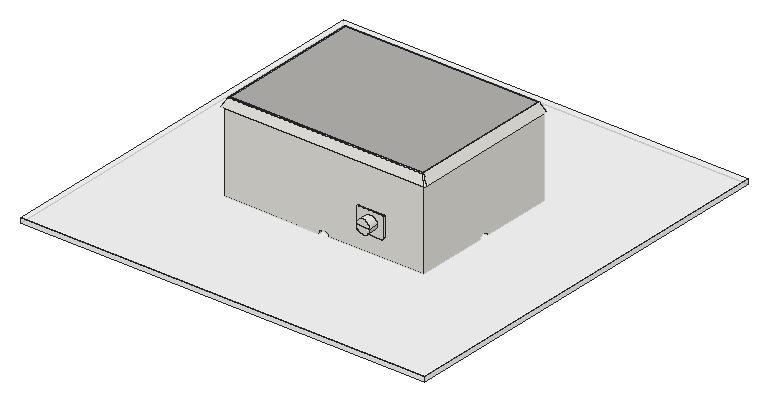
Revit family "BS-678BT", category Communication Devices, host Face, Revit 2016
Family settings
  Host = Face
  Maintain Annotation Orientation = No
  Part Type = Normal
  Round Connector Dimension = Use Diameter
  OmniClass Number = 23.85.10.11.14
  OmniClass Title = Audio Equipment
  Cut with Voids When Loaded = Yes
  Shared = No
  Room Calculation Point = No
Parameters (values of type "BS-678T")
  Weight = "1.7 kg (3.75 lb)"
  URL = "http://toa.com.sg"
  Speaker Component = "6\" (16cm) double cone-type"
  Sensitivity (1W,1m) = "94dB (500Hz – 5kHz, pink noise)"
  Rated Input = "6 W (100 V line), 3 W (70 V line)"
  Model Type = "WALL MOUNT SPEAKERS"
  Mesh = White Mesh
  Frequency Response = "150Hz – 20kHz (peak –20dB)"
  Rated Impedance = "100V line: 1.7kΩ (6W), 3.3kΩ (3W), 6.7kΩ(1.5W), 13kΩ (0.8W)\r\n70V line: 1.7kΩ (3W), 3.3kΩ (1.5W), 6.7kΩ(0.8W), 13kΩ (0.4W)"
  Model By = "BIMLIFE PTE LTD"  # constant formula
  Model = "BS-678T"
  Manufacturer = "TOA Electronics Pte Ltd"  # constant formula
  Supplier Tel = "+65 6835 9119"  # constant formula
  Supplier Fax = "+65 6835 9559"  # constant formula
  Supplier Address = "491B River Valley Road, #19-03/04 Valley Point Office Tower, Singapore 248373"  # constant formula
  Supplier = "TOA Electronics Pte Ltd"  # constant formula
  Suppiler Email = "http://toa.com.sg"  # constant formula
  Material = OFF-WHITE
  Finish = "Baffle: HIPS resin, white (RAL 9010 or equivalent colour) Cabinet: Particle board with pvc sheet, white (RAL 9010 or equivalent colour) Grille: Surface-treated steel plate net, white (RAL 9010 or equivalent colour), paint"
  Dimension = "250 (W) × 190 (H) × 110 (D) mm (9.84\" × 7.48\" × 4.33\") (excluding volume control knob)"
  Default Elevation = 0 mm
  Attenuation = "OFF, 1 (-12dB), 2 (-6dB), 3 (0dB)"
  Accessory = "Speaker mounting screw (4 × 35 (0.16\" × 1.38\")) × 2"
  Copyright To = "TOA Electronics Pte Ltd"  # constant formula
  Connection = "Push-in connector (bridging terminal)"
  Applicable Cable = "600V vinyl-insulated cable (IV wire or HIV wire)\r\nSolid wire: ø0.8 – ø1.6mm (equivalent to AWG 20 – 14)\r\n7-core twisted wire: 0.75 – 1.25mm2 (equivalent to AWG 18 – 16)"
Types (2, lengths in mm): name | Mesh | Model | Material | Finish
  BS-678BT | Black Mesh | "BS-678BT" | Black | "Baffle: HIPS resin, black (RAL 9011 or equivalent colour) Cabinet: Particle board with pvc sheet, black (RAL 9011 or equivalent colour) Grille: Surface-treated steel plate net, black (RAL 9011 or equivalent colour), paint"
  BS-678T | White Mesh | "BS-678T" | OFF-WHITE | "Baffle: HIPS resin, white (RAL 9010 or equivalent colour) Cabinet: Particle board with pvc sheet, white (RAL 9010 or equivalent colour) Grille: Surface-treated steel plate net, white (RAL 9010 or equivalent colour), paint"
Reference planes
  plane 1 "Center (Front/Back)": y = 0
  plane 2: z = 0
  plane 3 "Center (Left/Right)": x = 0
Forms (mm)
  Extrusion 1, solid, material "Surface"
    sketch origin (1.238, -13.929, 0) x (1, 0, 0) y (0, 1, 0)
      loop
        line (-251.238, 263.929) -> (-251.238, -236.071) -> (248.762, -236.071) -> (248.762, 263.929) -> (-251.238, 263.929)
    from 0 to -6.497
  Extrusion 2, solid, material "OFF-WHITE" <- "Material"
    sketch origin (0, 0, 0) x (1, 0, 0) y (0, 1, 0)
      loop
        line (-123, 93) -> (-123, -93) -> (123, -93) -> (123, 93) -> (-123, 93)
    from 0 to 98.5
  Blend 3, solid, material "OFF-WHITE" <- "Material"
    base sketch origin (0, 0, 98.5) x (1, 0, 0) y (0, 1, 0)
      loop
        line (-126, -95) -> (125, -95)
        arc (125, -95) -> (125.707, -94.707) -> (126, -94) r 1
        line (126, -94) -> (126, 94)
        arc (126, 94) -> (125.707, 94.707) -> (125, 95) r 1
        line (125, 95) -> (-126, 95)
        arc (-126, 95) -> (-126.707, 94.707) -> (-127, 94) r 1
        line (-127, 94) -> (-127, -94)
        arc (-127, -94) -> (-126.707, -94.707) -> (-126, -95) r 1
    top sketch origin (0, 0, 98.5) x (1, 0, 0) y (0, 1, 0)
      loop
        arc (-119.605, 90.605) -> (-120.312, 90.312) -> (-120.605, 89.605) r 1
        line (-120.605, 89.605) -> (-120.605, -89.605)
        arc (-120.605, -89.605) -> (-120.312, -90.312) -> (-119.605, -90.605) r 1
        line (-119.605, -90.605) -> (119.605, -90.605)
        arc (119.605, -90.605) -> (120.312, -90.312) -> (120.605, -89.605) r 1
        line (120.605, -89.605) -> (120.605, 89.605)
        arc (120.605, 89.605) -> (120.312, 90.312) -> (119.605, 90.605) r 1
        line (119.605, 90.605) -> (-119.605, 90.605)
    from 0 to 11
  Extrusion 4, solid, material "White Mesh" <- "Mesh"
    sketch origin (0, 0, 109.5) x (1, 0, 0) y (0, 1, 0)
      loop
        line (-119.75, 89.75) -> (-119.75, -89.75) -> (119.75, -89.75) -> (119.75, 89.75) -> (-119.75, 89.75)
    from -1 to 0
  Extrusion 5, void
    sketch origin (0, 0, 109.5) x (0, 1, 0) y (1, 0, 0)
      loop
        line (89.75, 119.75) -> (-89.75, 119.75) -> (-89.75, -119.75) -> (89.75, -119.75) -> (89.75, 119.75)
    from 0 to 1
  Extrusion 6, void
    sketch origin (82, -93, 0) x (1, 0, 0) y (0, 0, -1)
      loop
        spline (-88, 0) -> (-87.796, -1.294) -> (-87.196, -2.5) -> (-86.243, -3.536) -> (-85, -4.33) -> (-83.553, -4.83) -> (-82, -5) -> (-80.447, -4.83) -> (-79, -4.33) -> (-77.757, -3.536) -> (-76.804, -2.5) -> (-76.204, -1.294) -> (-76, 0)
        spline (-76, 0) -> (-76.204, 1.294) -> (-76.804, 2.5) -> (-77.757, 3.536) -> (-79, 4.33) -> (-80.447, 4.83) -> (-82, 5) -> (-83.553, 4.83) -> (-85, 4.33) -> (-86.243, 3.536) -> (-87.196, 2.5) -> (-87.796, 1.294) -> (-88, 0)
    from 0 to 186
  Extrusion 7, void
    sketch origin (123, 93, 0) x (0, 1, 0) y (0, 0, -1)
      loop
        spline (-99, 0) -> (-98.796, -1.294) -> (-98.196, -2.5) -> (-97.243, -3.536) -> (-96, -4.33) -> (-94.553, -4.83) -> (-93, -5) -> (-91.447, -4.83) -> (-90, -4.33) -> (-88.757, -3.536) -> (-87.804, -2.5) -> (-87.204, -1.294) -> (-87, 0)
        spline (-87, 0) -> (-87.204, 1.294) -> (-87.804, 2.5) -> (-88.757, 3.536) -> (-90, 4.33) -> (-91.447, 4.83) -> (-93, 5) -> (-94.553, 4.83) -> (-96, 4.33) -> (-97.243, 3.536) -> (-98.196, 2.5) -> (-98.796, 1.294) -> (-99, 0)
    from 0 to 246
  Extrusion 8, solid, material "OFF-WHITE" <- "Material", not visible
    sketch origin (0, 0, 0) x (1, 0, 0) y (0, 1, 0)
      loop
        line (-123, 93) -> (-123, -93) -> (123, -93) -> (123, 93) -> (-123, 93)
    from 0 to 98.5
  Blend 9, solid, material "OFF-WHITE" <- "Material", not visible
    base sketch origin (0, 0, 98.5) x (1, 0, 0) y (0, 1, 0)
      loop
        line (-126, -95) -> (125, -95)
        arc (125, -95) -> (125.707, -94.707) -> (126, -94) r 1
        line (126, -94) -> (126, 94)
        arc (126, 94) -> (125.707, 94.707) -> (125, 95) r 1
        line (125, 95) -> (-126, 95)
        arc (-126, 95) -> (-126.707, 94.707) -> (-127, 94) r 1
        line (-127, 94) -> (-127, -94)
        arc (-127, -94) -> (-126.707, -94.707) -> (-126, -95) r 1
    top sketch origin (0, 0, 98.5) x (1, 0, 0) y (0, 1, 0)
      loop
        arc (-119.605, 90.605) -> (-120.312, 90.312) -> (-120.605, 89.605) r 1
        line (-120.605, 89.605) -> (-120.605, -89.605)
        arc (-120.605, -89.605) -> (-120.312, -90.312) -> (-119.605, -90.605) r 1
        line (-119.605, -90.605) -> (119.605, -90.605)
        arc (119.605, -90.605) -> (120.312, -90.312) -> (120.605, -89.605) r 1
        line (120.605, -89.605) -> (120.605, 89.605)
        arc (120.605, 89.605) -> (120.312, 90.312) -> (119.605, 90.605) r 1
        line (119.605, 90.605) -> (-119.605, 90.605)
    from 0 to 11
  Extrusion 10, solid, material "White Mesh" <- "Mesh", not visible
    sketch origin (0, 0, 109.5) x (1, 0, 0) y (0, 1, 0)
      loop
        line (-119.75, 89.75) -> (-119.75, -89.75) -> (119.75, -89.75) -> (119.75, 89.75) -> (-119.75, 89.75)
    from -1 to 0
  Extrusion 11, void, not visible
    sketch origin (0, 0, 109.5) x (0, 1, 0) y (1, 0, 0)
      loop
        line (89.75, 119.75) -> (-89.75, 119.75) -> (-89.75, -119.75) -> (89.75, -119.75) -> (89.75, 119.75)
    from 0 to 1
  Extrusion 12, void, not visible
    sketch origin (82, -93, 0) x (1, 0, 0) y (0, 0, -1)
      loop
        spline (-88, 0) -> (-87.796, -1.294) -> (-87.196, -2.5) -> (-86.243, -3.536) -> (-85, -4.33) -> (-83.553, -4.83) -> (-82, -5) -> (-80.447, -4.83) -> (-79, -4.33) -> (-77.757, -3.536) -> (-76.804, -2.5) -> (-76.204, -1.294) -> (-76, 0)
        spline (-76, 0) -> (-76.204, 1.294) -> (-76.804, 2.5) -> (-77.757, 3.536) -> (-79, 4.33) -> (-80.447, 4.83) -> (-82, 5) -> (-83.553, 4.83) -> (-85, 4.33) -> (-86.243, 3.536) -> (-87.196, 2.5) -> (-87.796, 1.294) -> (-88, 0)
    from 0 to 186
  Extrusion 13, void, not visible
    sketch origin (123, 93, 0) x (0, 1, 0) y (0, 0, -1)
      loop
        spline (-99, 0) -> (-98.796, -1.294) -> (-98.196, -2.5) -> (-97.243, -3.536) -> (-96, -4.33) -> (-94.553, -4.83) -> (-93, -5) -> (-91.447, -4.83) -> (-90, -4.33) -> (-88.757, -3.536) -> (-87.804, -2.5) -> (-87.204, -1.294) -> (-87, 0)
        spline (-87, 0) -> (-87.204, 1.294) -> (-87.804, 2.5) -> (-88.757, 3.536) -> (-90, 4.33) -> (-91.447, 4.83) -> (-93, 5) -> (-94.553, 4.83) -> (-96, 4.33) -> (-97.243, 3.536) -> (-98.196, 2.5) -> (-98.796, 1.294) -> (-99, 0)
    from 0 to 246
  Revolve 14, solid, material "OFF-WHITE" <- "Material"
    sketch origin (-3.053, 0, 34.908) x (1, 0, 0) y (0, 1, 0)
      loop
        line (61, -105) -> (69.477, -105) -> (69.477, -94) -> (61, -94) -> (61, -105)
      axis (61, -105) -> (61, -94)
    angle from 0 to 360
  Extrusion 15, solid, material "OFF-WHITE" <- "Material"
    sketch origin (82, -93, 0) x (-1, 0, 0) y (0, 0, -1)
      loop
        line (9.452, -48.804) -> (38.547, -48.804)
        arc (38.547, -48.804) -> (39.961, -48.218) -> (40.547, -46.804) r 2
        line (40.547, -46.804) -> (40.547, -23.195)
        arc (40.547, -23.195) -> (39.961, -21.781) -> (38.547, -21.195) r 2
        line (38.547, -21.195) -> (9.452, -21.195)
        arc (9.452, -21.195) -> (8.038, -21.781) -> (7.452, -23.195) r 2
        line (7.452, -23.195) -> (7.452, -46.804)
        arc (7.452, -46.804) -> (8.038, -48.218) -> (9.452, -48.804) r 2
    from 0 to 1
Cuts and joins
  Extrusion 5, Extrusion 6, Extrusion 7 cuts Extrusion 2
  joined: Extrusion 2, Revolve 14, Extrusion 15
  Extrusion 5 cuts Blend 3
Dimensions and locks
  cut or joined group of Blend 3, Extrusion 5 to cut or joined group of Extrusion 2, Extrusion 5, Extrusion 6, Extrusion 7, Revolve 14, Extrusion 15 = 250 mm
  cut or joined group of Blend 3, Extrusion 5 to cut or joined group of Blend 3, Extrusion 5 = 190 mm
  aligned and locked: plane 2 to Extrusion 1
  aligned and locked: level to Extrusion 1
  aligned and locked: plane 3 "Center (Left/Right)" to cut or joined group of Extrusion 2, Extrusion 5, Extrusion 6, Extrusion 7, Revolve 14, Extrusion 15
